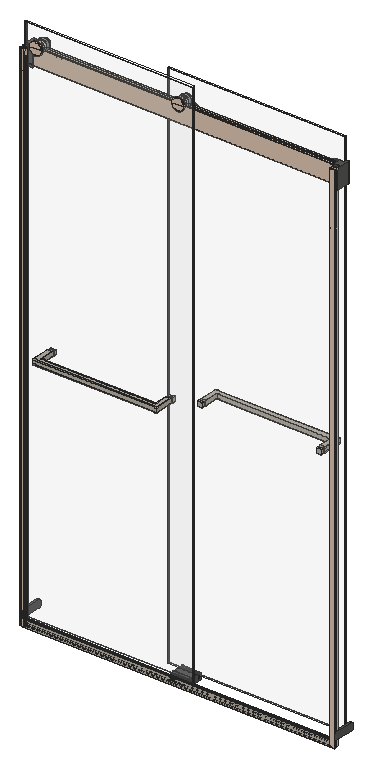
Revit family "Shower-Shower_Door-KOHLER-Levity-K-706017_1", category Specialty Equipment, host Face, Revit 2021
Family settings
  Host = Face
  Round Connector Dimension = Use Diameter
  Part Type = Normal
  OmniClass Number = 23.31.17.17
  OmniClass Title = Shower Enclosures
  Cut with Voids When Loaded = No
  Shared = No
  Room Calculation Point = No
Parameters (values of type "ABV-Anodized Brushed Bronze")
  Width [instance] = Walk Thru + 26.53543"  # 47.59843"
  WaterSense Certified = 1 = 0  # no
  Walk Thru [instance] = 21.06299"
  URL = "https://www.us.kohler.com/us/"
  Type = 1
  Towel Bar Finish = Kohler-Metal-BV-Brushed_Bronze
  Secondary Finish = Kohler-Plastic-BV-Brushed_Bronze
  Product Page URL = "http://www.us.kohler.com/us/catalog/productDetails.jsp?productNumber=706017-L"
  Product Name = "Levity"  # constant formula
  Product Documentation Link = "https://www.us.kohler.com/webassets/kpna/catalog/pdf/en/K-706017-L_spec_US-CA_Kohler_en.pdf"
  Model = if(Type = 1, "K-706017-L-ABV", if(Type = 2, "K-706017-L-NX", if(Type = 3, "K-706017-L-SHP", if(Type = 4, "K-706017-L-SH", "NA"))))  # "K-706017-L-ABV"
  Material = "Premium Metal Construction"  # constant formula
  Master Format 2014 Name = "Shower Doors"  # constant formula
  Master Format 2014 = "10 28 19.16"  # constant formula
  Manufacturer Address = "444 Highland Dr, Kohler, WI 53044"  # constant formula
  Manufacturer = "Kohler Co."  # constant formula
  Length = 7.74803"  # constant formula
  Height = 81.65748"  # constant formula
  Hardware Included = 1 = 1  # yes
  Finish = Kohler-Metal-ABV-Anodized_Brushed_Bronze
  Environmental Product Declaration = ""
  Description = "Sliding Shower Door, 82 Inch H x 44-5/8 - 47-5/8 Inch W, With 3/8 Inch Thick Crystal Clear Glass And Square Towel Bar"  # constant formula
  Default Elevation = 4"
  Declare Label = ""
  Date Modified = "07/13/2023"  # constant formula
  Date Created = "07/13/2023"  # constant formula
  Copyright = "Copyright Kohler Co."  # constant formula
  Contact Us = "https://www.us.kohler.com/us/static/contact.jsp"
  Assembly Code = "C1030200"
  ADA Compliant = 1 = 0  # no
Reference planes
  plane 1 "Center (Front/Back)": y = -2.352
  plane 2: z = 0
  plane 3 "Center (Left/Right)": x = 0
  plane 4: x = 535
  plane 5: x = 553.643
  plane 6: x = -655.357
  plane 7: z = 2002.832
  plane 8: z = 1986.09
  plane 9: z = 2074.1
  plane 10: x = 494.77
  plane 11: x = 450.32
  plane 12: x = 459.845
  plane 13: x = 545.423
  plane 14: y = 64.815
  plane 15: y = 118.986
  plane 16: y = -77.814
  plane 17: x = -50.8
  plane 18: x = -6.88
  plane 19: x = -16.405
  plane 20: x = -51.33
  plane 21: x = -596.901
  plane 22: x = -643.55
  plane 23: x = -552.45
  plane 24: x = -561.975
  plane 25: x = -85.725
  plane 26: z = 1948.622
  plane 27: z = 1921.09
  plane 28: z = 974
  plane 29: z = 964.5
  plane 30: z = 955
  plane 31: z = 26.466
  plane 32: y = 48.457
  plane 33: y = 38.78
  plane 34: y = 2.487
  plane 35: y = -7.19
  plane 36: x = -138.137
Dimensions and locks
  "Walk Thru": plane 4 to plane 3 "Center (Left/Right)"
  "Width": plane 6 to plane 5
  locked: plane 5 to plane 4 at 18.643
  locked: plane 10 to plane 5 at 58.873
  locked: plane 12 to plane 5 at 93.798
  locked: plane 13 to plane 5 at 8.221
  locked: plane 19 to plane 12 at 476.25
  locked: plane 18 to plane 11 at 457.2
  locked: plane 11 to plane 12 at 9.525
  locked: plane 20 to plane 19 at 34.925
  locked: plane 30 to level at 955
  plane 28 to plane 30 = 0.74803"
  "Length": plane 16 to plane 15
  plane 27 to plane 31 = 74.59151"
  plane 34 to plane 35 = 0.381"
  locked: plane 36 to plane 13 at 683.56
  "Height": plane 9 to level
  aligned and locked: plane 2 to host face
  aligned and locked: level to host face
  aligned and locked: plane 3 "Center (Left/Right)" to nested 1
  aligned and locked: plane 4 to nested 1
  aligned and locked: nested 1 to plane 1 "Center (Front/Back)"
Automatic sketch dimensions
  host sketch curve to host sketch curve = 96"  (x2)
Nested families
  nested 1: "K-706017" at (0, 0, 0), type "K-706017"
Definition of nested family "K-706017"
  Parameters (values of type "K-706017")
    Width = Walk Thru + 26.53543"  # 47.59843"
    Walk Thru = 21.06299"
    Towel Bar Finish = none
    Secondary Finish = none
    Material = none
    Default Elevation = 0"
  Reference planes
    plane 1 "Center (Front/Back)": y = 0
    plane 2: z = 0
    plane 3 "Center (Left/Right)": x = 0
    plane 4: y = 111.593
    plane 5 "X": y = -69.407
    plane 6: x = 535
    plane 7: x = 553.643
    plane 8: x = -655.357
    plane 9: z = 955
    plane 10: z = 974
    plane 11 "A": z = 964.5
    plane 12: z = 2074.09
    plane 13: z = 1921.09
    plane 14: z = 1986.09
    plane 15 "B": z = 2002.832
    plane 16 "Slider1": x = -596.901
    plane 17 "Slider2": x = -50.8
    plane 18 "Slider3": x = -51.33
    plane 19 "Slider4": x = 494.77
    plane 20: x = -552.45
    plane 21: x = -95.25
    plane 22: x = -561.975
    plane 23: x = -85.725
    plane 24: x = -6.88
    plane 25: x = 450.32
    plane 26: x = 459.845
    plane 27: x = -16.405
    plane 28: x = 545.423
    plane 29: z = 1948.622
    plane 30: y = 64.815
    plane 31: y = 41.861
    plane 32: x = -643.55
    plane 33: y = 118.986
    plane 34: x = -138.137
    plane 35: y = -77.773
    plane 36: y = -2.352
    plane 37: z = 1991.707
    plane 38: z = 1989.208
    plane 39: y = -77.003
    plane 40: z = 26.466
  Forms (mm)
    Extrusion 1, solid, material <- "Material", detail levels medium+fine
      sketch origin (0, 0, 0) x (1, 0, 0) y (0, 1, 0)
        loop
          arc (-654.983, -20.929) -> (-655.347, -21.219) -> (-655.147, -21.638) r 0.374
          line (-655.147, -21.638) -> (-653.727, -22.331) -> (-650.227, -22.331) -> (-648.642, -21.558) -> (-647.002, -22.323) -> (-643.55, -22.323) -> (-642.152, -21.641)
          arc (-642.152, -21.641) -> (-641.951, -21.22) -> (-642.317, -20.929) r 0.375
          line (-642.317, -20.929) -> (-647.005, -20.929) -> (-647.005, -11.078)
          arc (-647.005, -11.078) -> (-646.838, -10.675) -> (-646.436, -10.509) r 0.569
          line (-646.436, -10.509) -> (-642.313, -10.509)
          arc (-642.313, -10.509) -> (-641.939, -10.208) -> (-642.151, -9.778) r 0.384
          line (-642.151, -9.778) -> (-643.579, -9.112) -> (-647.02, -9.112) -> (-648.63, -9.862) -> (-650.239, -9.112) -> (-653.681, -9.112) -> (-655.154, -9.83)
          arc (-655.154, -9.83) -> (-655.346, -10.232) -> (-654.998, -10.509) r 0.357
          line (-654.998, -10.509) -> (-650.787, -10.509)
          arc (-650.787, -10.509) -> (-650.388, -10.674) -> (-650.222, -11.074) r 0.565
          line (-650.222, -11.074) -> (-650.222, -20.418)
          arc (-650.222, -20.418) -> (-650.372, -20.779) -> (-650.733, -20.929) r 0.511
          line (-650.733, -20.929) -> (-654.983, -20.929)
        loop
          line (-654.166, -23.367) -> (-638.931, -23.766)
          arc (-638.931, -23.766) -> (-637.041, -23.026) -> (-636.252, -21.156) r 2.61
          line (-636.252, -21.156) -> (-636.252, -10.454)
          arc (-636.252, -10.454) -> (-637.069, -8.511) -> (-639.03, -7.737) r 2.718
          line (-639.03, -7.737) -> (-653.669, -8.063)
          arc (-653.669, -8.063) -> (-654.1, -8.494) -> (-653.669, -8.925) r 0.431
          line (-653.669, -8.925) -> (-639.33, -8.925)
          arc (-639.33, -8.925) -> (-638.138, -9.419) -> (-637.644, -10.611) r 1.686
          line (-637.644, -10.611) -> (-637.644, -21.206)
          arc (-637.644, -21.206) -> (-638.051, -22.189) -> (-639.034, -22.597) r 1.391
          line (-639.034, -22.597) -> (-653.79, -22.597)
          arc (-653.79, -22.597) -> (-654.219, -22.864) -> (-654.166, -23.367) r 0.477
      from 1.935 to 1989.208
    Extrusion 2, solid, material <- "Material", detail levels medium+fine
      sketch origin (0, 0, 0) x (1, 0, 0) y (0, 1, 0)
        loop
          line (-639.03, -7.737) -> (-654.369, -8.079)
          arc (-654.369, -8.079) -> (-655.062, -8.38) -> (-655.347, -9.079) r 1
          line (-655.347, -9.079) -> (-655.347, -22.362)
          arc (-655.347, -22.362) -> (-655.064, -23.06) -> (-654.373, -23.361) r 1
          line (-654.373, -23.361) -> (-638.931, -23.766)
          arc (-638.931, -23.766) -> (-637.041, -23.026) -> (-636.252, -21.156) r 2.61
          line (-636.252, -21.156) -> (-636.252, -10.454)
          arc (-636.252, -10.454) -> (-637.069, -8.511) -> (-639.03, -7.737) r 2.718
      from 1989.208 to 1915.483
    Extrusion 3, solid, material <- "Secondary Finish", detail levels medium+fine
      sketch origin (0, 0, 0) x (0, 1, 0) y (0, 0, 1)
        loop
          line (-3.414, 0) -> (-3.414, 1.392)
          arc (-3.414, 1.392) -> (-3.573, 1.776) -> (-3.956, 1.935) r 0.543
          line (-3.956, 1.935) -> (-12.16, 1.935)
          arc (-12.16, 1.935) -> (-14.894, 3.067) -> (-16.026, 5.801) r 3.866
          line (-16.026, 5.801) -> (-16.026, 8.352)
          arc (-16.026, 8.352) -> (-14.577, 9.716) -> (-13.302, 8.188) r 1.367
          arc (-13.302, 8.188) -> (-13.209, 7.545) -> (-12.805, 7.036) r 1.246
          arc (-12.805, 7.036) -> (-11.953, 6.955) -> (-11.48, 7.669) r 0.831
          line (-11.48, 7.669) -> (-10.87, 21.92)
          arc (-10.87, 21.92) -> (-11.071, 22.453) -> (-11.595, 22.677) r 0.726
          line (-11.595, 22.677) -> (-14.981, 22.677)
          arc (-14.981, 22.677) -> (-16.073, 23.769) -> (-14.981, 24.861) r 1.092
          line (-14.981, 24.861) -> (-11.282, 24.861)
          arc (-11.282, 24.861) -> (-10.904, 25.041) -> (-10.804, 25.448) r 0.488
          arc (-10.804, 25.448) -> (-11.246, 26.179) -> (-12.052, 26.466) r 1.274
          line (-12.052, 26.466) -> (-19.724, 26.466)
          arc (-19.724, 26.466) -> (-20.638, 26.087) -> (-21.017, 25.173) r 1.293
          line (-21.017, 25.173) -> (-21.017, 0) -> (-19.323, 0)
          arc (-19.323, 0) -> (-18.894, 0.267) -> (-18.944, 0.77) r 0.478
          arc (-18.944, 0.77) -> (-19.22, 1.056) -> (-19.554, 1.272) r 1.765
          arc (-19.554, 1.272) -> (-19.911, 1.781) -> (-19.678, 2.358) r 0.652
          arc (-19.678, 2.358) -> (-18.262, 2.07) -> (-16.902, 1.579) r 9.959
          arc (-16.902, 1.579) -> (-16.45, 1.916) -> (-16.041, 2.305) r 4.702
          arc (-16.041, 2.305) -> (-15.579, 1.899) -> (-15.074, 1.549) r 5.298
          arc (-15.074, 1.549) -> (-14.83, 1.196) -> (-14.929, 0.779) r 0.528
          arc (-14.929, 0.779) -> (-14.962, 0.266) -> (-14.523, 0) r 0.495
          line (-14.523, 0) -> (-3.414, 0)
        loop
          line (-19.661, 25.24) -> (-19.661, 4.211)
          arc (-19.661, 4.211) -> (-19.515, 3.81) -> (-19.146, 3.597) r 0.624
          arc (-19.146, 3.597) -> (-18.531, 3.474) -> (-17.923, 3.326) r 14.641
          arc (-17.923, 3.326) -> (-17.489, 3.412) -> (-17.294, 3.809) r 0.5
          line (-17.294, 3.809) -> (-17.294, 8.347)
          arc (-17.294, 8.347) -> (-15.945, 10.646) -> (-13.28, 10.588) r 2.633
          arc (-13.28, 10.588) -> (-12.818, 10.573) -> (-12.571, 10.964) r 0.465
          line (-12.571, 10.964) -> (-12.158, 20.596)
          arc (-12.158, 20.596) -> (-12.386, 21.221) -> (-12.989, 21.501) r 0.869
          line (-12.989, 21.501) -> (-15.246, 21.598)
          arc (-15.246, 21.598) -> (-17.008, 22.564) -> (-17.313, 24.55) r 2.27
          arc (-17.313, 24.55) -> (-17.391, 25.023) -> (-17.818, 25.24) r 0.53
          line (-17.818, 25.24) -> (-19.661, 25.24)
      from -643.55 to 545.423
    Extrusion 4, solid
      sketch origin (-26.084, 55.914, 1948.622) x (-1, 0, 0) y (0, 1, 0)
        loop
          arc (629.273, -11.151) -> (629.108, -10.753) -> (628.71, -10.588) r 0.563
          line (628.71, -10.588) -> (621.637, -10.73)
          arc (621.637, -10.73) -> (621.272, -10.887) -> (621.122, -11.255) r 0.525
          line (621.122, -11.255) -> (621.122, -19.613)
          arc (621.122, -19.613) -> (620.968, -19.988) -> (620.596, -20.148) r 0.535
          line (620.596, -20.148) -> (604.744, -20.425)
          arc (604.744, -20.425) -> (604.298, -20.616) -> (604.115, -21.065) r 0.641
          line (604.115, -21.065) -> (604.115, -48.383)
          arc (604.115, -48.383) -> (604.298, -48.832) -> (604.743, -49.023) r 0.64
          line (604.743, -49.023) -> (620.509, -49.298)
          arc (620.509, -49.298) -> (620.954, -49.49) -> (621.138, -49.938) r 0.64
          line (621.138, -49.938) -> (621.138, -62.985)
          arc (621.138, -62.985) -> (621.385, -63.592) -> (621.987, -63.853) r 0.869
          line (621.987, -63.853) -> (628.295, -63.993)
          arc (628.295, -63.993) -> (628.988, -64.294) -> (629.273, -64.994) r 1
          line (629.273, -64.994) -> (629.273, -11.151)
      from 33.139 to -43.085
    Extrusion 5, solid
      sketch origin (0, 0, 0) x (0, 1, 0) y (0, 0, 1)
        loop
          line (-22.347, 54.125) -> (-22.347, 26.849) -> (58.465, 26.849)
          arc (58.465, 26.849) -> (62.955, 28.708) -> (64.815, 33.199) r 6.35
          line (64.815, 33.199) -> (64.815, 47.779)
          arc (64.815, 47.779) -> (62.956, 52.267) -> (58.468, 54.125) r 6.347
          line (58.468, 54.125) -> (-22.347, 54.125)
      from -655.357 to -646.446
    Extrusion 6, solid
      sketch origin (0, 0, 0) x (1, 0, 0) y (0, 1, 0)
        loop
          line (-646.483, 2.487) -> (-648.007, 0.963) -> (-648.007, -5.666) -> (-646.483, -7.19) -> (-1.831, -7.19) -> (-0.307, -5.666) -> (-0.307, 0.963) -> (-1.831, 2.487) -> (-646.483, 2.487)
      from 22.677 to 2074.09
    Revolve 7, solid, material <- "Material"
      sketch origin (0, 0, 2002.832) x (0, -1, 0) y (1, 0, 0)
        loop
          line (20.322, -596.901) -> (-28.808, -596.901) -> (-28.808, -613.351)
          arc (-28.808, -613.351) -> (-28.733, -613.747) -> (-28.517, -614.088) r 1.081
          line (-28.517, -614.088) -> (-27.733, -614.929) -> (-20.555, -614.929) -> (-20.555, -615.807)
          arc (-20.555, -615.807) -> (-15.783, -617.576) -> (-11.011, -615.807) r 7.321
          line (-11.011, -615.807) -> (-11.011, -610.807) -> (-7.825, -610.807) -> (-7.825, -614.957) -> (-2.487, -614.957) -> (-2.487, -599.266) -> (7.19, -599.266) -> (7.19, -613.643) -> (15.059, -613.643) -> (15.059, -619.659) -> (16.067, -620.667) -> (19.267, -620.667) -> (20.322, -619.612) -> (20.322, -596.901)
        axis (-28.808, -596.901) -> (20.322, -596.901)
      angle from 0 to 360
    Revolve 8, solid, material <- "Material"
      sketch origin (0, 0, 2002.832) x (0, -1, 0) y (1, 0, 0)
        loop
          line (19.913, -50.8) -> (-28.808, -50.8) -> (-28.808, -67.25)
          arc (-28.808, -67.25) -> (-28.733, -67.646) -> (-28.517, -67.987) r 1.081
          line (-28.517, -67.987) -> (-27.733, -68.828) -> (-20.555, -68.828) -> (-20.555, -69.706)
          arc (-20.555, -69.706) -> (-15.783, -71.475) -> (-11.011, -69.706) r 7.321
          line (-11.011, -69.706) -> (-11.011, -64.706) -> (-7.825, -64.706) -> (-7.825, -68.856) -> (-2.487, -68.856) -> (-2.487, -53.165) -> (7.19, -53.165) -> (7.19, -66.974) -> (14.65, -66.974) -> (14.65, -72.855) -> (15.658, -73.863) -> (18.858, -73.863) -> (19.913, -72.808) -> (19.913, -50.8)
        axis (-28.808, -50.8) -> (19.913, -50.8)
      angle from 0 to 360
    Extrusion 9, solid, material <- "Material", detail levels medium+fine
      sketch origin (0, 0, 0) x (0, 1, 0) y (0, 0, 1)
        loop
          arc (29.224, 1978.067) -> (29.634, 1978.269) -> (29.8, 1978.696) r 0.631
          line (29.8, 1978.696) -> (29.8, 1980.116)
          arc (29.8, 1980.116) -> (29.621, 1980.523) -> (29.2, 1980.666) r 0.552
          line (29.2, 1980.666) -> (26.309, 1980.413)
          arc (26.309, 1980.413) -> (25.8, 1980.692) -> (26.17, 1981.14) r 0.377
          line (26.17, 1981.14) -> (28.784, 1981.14)
          arc (28.784, 1981.14) -> (29.6, 1981.956) -> (28.784, 1982.773) r 0.816
          line (28.784, 1982.773) -> (27.653, 1982.674)
          arc (27.653, 1982.674) -> (27.229, 1982.818) -> (27.048, 1983.228) r 0.556
          line (27.048, 1983.228) -> (27.048, 1984.189)
          arc (27.048, 1984.189) -> (27.231, 1984.631) -> (27.674, 1984.815) r 0.626
          line (27.674, 1984.815) -> (31.248, 1984.815) -> (31.248, 1976.462)
          arc (31.248, 1976.462) -> (31.085, 1976.068) -> (30.69, 1975.904) r 0.558
          line (30.69, 1975.904) -> (22.213, 1975.904)
          arc (22.213, 1975.904) -> (21.729, 1977.645) -> (20.088, 1978.403) r 2.153
          line (20.088, 1978.403) -> (17.174, 1978.403) -> (17.174, 1979.906) -> (20.944, 1981.664) -> (20.944, 1982.838)
          arc (20.944, 1982.838) -> (20.742, 1983.207) -> (20.322, 1983.234) r 0.438
          line (20.322, 1983.234) -> (16.578, 1981.489)
          arc (16.578, 1981.489) -> (15.811, 1981.318) -> (15.043, 1981.489) r 1.816
          line (15.043, 1981.489) -> (11.179, 1983.291)
          arc (11.179, 1983.291) -> (10.808, 1983.616) -> (10.67, 1984.089) r 0.88
          line (10.67, 1984.089) -> (10.67, 1986.09) -> (9.485, 1986.09)
          arc (9.485, 1986.09) -> (9.133, 1985.944) -> (8.987, 1985.592) r 0.499
          line (8.987, 1985.592) -> (8.987, 1921.706)
          arc (8.987, 1921.706) -> (9.167, 1921.27) -> (9.602, 1921.09) r 0.616
          line (9.602, 1921.09) -> (31.775, 1921.09)
          arc (31.775, 1921.09) -> (32.54, 1921.407) -> (32.856, 1922.171) r 1.081
          line (32.856, 1922.171) -> (32.856, 1929.208)
          arc (32.856, 1929.208) -> (32.389, 1930.512) -> (31.199, 1931.222) r 2.052
          line (31.199, 1931.222) -> (31.199, 1929.353) -> (25.968, 1926.913) -> (21.485, 1929.099)
          arc (21.485, 1929.099) -> (21.082, 1929.078) -> (20.887, 1928.725) r 0.416
          line (20.887, 1928.725) -> (20.887, 1927.468) -> (25.174, 1925.469) -> (25.174, 1923.602) -> (18.163, 1923.602)
          arc (18.163, 1923.602) -> (17.029, 1924.072) -> (16.559, 1925.206) r 1.604
          line (16.559, 1925.206) -> (16.559, 1975.904) -> (19.051, 1975.904) -> (19.051, 1973.557) -> (32.937, 1973.557) -> (32.937, 1985.381) -> (24.417, 1985.381) -> (24.417, 1977.647) -> (29.224, 1978.067)
        loop
          line (14.625, 1979.434) -> (11.8, 1980.751)
          arc (11.8, 1980.751) -> (11.268, 1980.716) -> (11.011, 1980.248) r 0.555
          line (11.011, 1980.248) -> (11.011, 1923.111) -> (14.625, 1923.111) -> (14.625, 1979.434)
      from -646.837 to 545.423
    Extrusion 10, solid
      sketch origin (0, 0, 0) x (0, 1, 0) y (0, 0, 1)
        loop
          line (55.139, 0) -> (53.754, 26.425)
          arc (53.754, 26.425) -> (53.545, 26.878) -> (53.082, 27.062) r 0.673
          line (53.082, 27.062) -> (49.904, 27.062)
          arc (49.904, 27.062) -> (49.435, 26.87) -> (49.234, 26.404) r 0.67
          line (49.234, 26.404) -> (48.871, 5.6)
          arc (48.871, 5.6) -> (48.249, 4.152) -> (46.791, 3.556) r 2.08
          line (46.791, 3.556) -> (41.857, 3.556)
          arc (41.857, 3.556) -> (40.385, 4.143) -> (39.721, 5.583) r 2.139
          line (39.721, 5.583) -> (38.642, 26.164)
          arc (38.642, 26.164) -> (38.476, 26.524) -> (38.107, 26.672) r 0.536
          line (38.107, 26.672) -> (36.859, 26.672)
          arc (36.859, 26.672) -> (36.557, 26.938) -> (36.166, 27.034) r 0.846
          line (36.166, 27.034) -> (12.305, 27.034)
          arc (12.305, 27.034) -> (11.813, 26.948) -> (11.379, 26.702) r 1.458
          line (11.379, 26.702) -> (10.102, 26.702) -> (8.99, 5.492)
          arc (8.99, 5.492) -> (8.346, 4.095) -> (6.918, 3.525) r 2.076
          line (6.918, 3.525) -> (2.085, 3.525)
          arc (2.085, 3.525) -> (0.487, 4.179) -> (-0.194, 5.764) r 2.279
          line (-0.194, 5.764) -> (-0.478, 22.015)
          arc (-0.478, 22.015) -> (-0.644, 22.403) -> (-1.035, 22.563) r 0.557
          line (-1.035, 22.563) -> (-9.887, 22.563)
          arc (-9.887, 22.563) -> (-10.499, 22.311) -> (-10.757, 21.701) r 0.871
          line (-10.757, 21.701) -> (-10.902, 7.521)
          arc (-10.902, 7.521) -> (-12.268, 6.814) -> (-13.28, 7.973) r 1.246
          arc (-13.28, 7.973) -> (-13.964, 8.64) -> (-14.684, 8.012) r 0.704
          arc (-14.684, 8.012) -> (-14.049, 5.273) -> (-11.514, 4.056) r 3.249
          line (-11.514, 4.056) -> (-3.672, 4.056)
          arc (-3.672, 4.056) -> (-3.101, 3.819) -> (-2.864, 3.247) r 0.808
          line (-2.864, 3.247) -> (-2.864, 2.352)
          arc (-2.864, 2.352) -> (-2.53, 1.462) -> (-1.694, 1.01) r 1.355
          arc (-1.694, 1.01) -> (5.627, 0.253) -> (12.983, 0) r 107.16
          line (12.983, 0) -> (55.139, 0)
      from -92.405 to -21.877
    Revolve 11, solid, material <- "Material"
      sketch origin (-51.33, 0, 0) x (0, 0, 1) y (0, -1, 0)
        loop
          line (1948.622, -61.18) -> (1971.333, -61.18) -> (1972.388, -60.125) -> (1972.388, -56.925) -> (1971.38, -55.917) -> (1965.364, -55.917) -> (1965.364, -48.457) -> (1950.987, -48.457) -> (1950.987, -38.78) -> (1966.678, -38.78) -> (1966.678, -33.939) -> (1962.528, -33.939) -> (1962.528, -30.752) -> (1967.528, -30.752)
          arc (1967.528, -30.752) -> (1969.297, -25.98) -> (1967.528, -21.208) r 7.321
          line (1967.528, -21.208) -> (1966.65, -21.208) -> (1966.65, -14.03) -> (1965.809, -13.246)
          arc (1965.809, -13.246) -> (1965.468, -13.031) -> (1965.072, -12.956) r 1.081
          line (1965.072, -12.956) -> (1948.622, -12.956) -> (1948.622, -61.18)
        axis (1948.622, -12.956) -> (1948.622, -61.18)
      angle from 0 to 360
    Revolve 12, solid, material <- "Material"
      sketch origin (494.77, 0, 0) x (0, 0, -1) y (0, -1, 0)
        loop
          line (-1948.622, -61.18) -> (-1948.622, -12.956) -> (-1965.072, -12.956)
          arc (-1965.072, -12.956) -> (-1965.468, -13.031) -> (-1965.809, -13.246) r 1.081
          line (-1965.809, -13.246) -> (-1966.65, -14.03) -> (-1966.65, -21.208) -> (-1967.528, -21.208)
          arc (-1967.528, -21.208) -> (-1969.297, -25.98) -> (-1967.528, -30.752) r 7.321
          line (-1967.528, -30.752) -> (-1962.528, -30.752) -> (-1962.528, -33.939) -> (-1966.678, -33.939) -> (-1966.678, -38.78) -> (-1950.987, -38.78) -> (-1950.987, -48.457) -> (-1965.364, -48.457) -> (-1965.364, -55.917) -> (-1971.38, -55.917) -> (-1972.388, -56.925) -> (-1972.388, -60.125) -> (-1971.333, -61.18) -> (-1948.622, -61.18)
        axis (-1948.622, -12.956) -> (-1948.622, -61.18)
      angle from 0 to 360
    Extrusion 13, solid
      sketch origin (0, 0, 2002.832) x (0, -1, 0) y (1, 0, 0)
        loop
          line (-48.457, -136.613) -> (-46.933, -138.137) -> (-40.304, -138.137) -> (-38.78, -136.613) -> (-38.78, 543.039) -> (-40.304, 544.563) -> (-46.933, 544.563) -> (-48.457, 543.039) -> (-48.457, -136.613)
      from -1980.155 to 71.258
    Extrusion 14, solid, material <- "Material"
      sketch origin (0, 0, 964.5) x (-1, 0, 0) y (0, -1, 0)
        loop
          line (-535, 9.891) -> (-535, 21.398)
          arc (-535, 21.398) -> (-535.668, 23.01) -> (-537.28, 23.678) r 2.28
          line (-537.28, 23.678) -> (-553.643, 23.678) -> (-553.643, 21.678) -> (-536.643, 21.678) -> (-536.643, 9.607) -> (-553.643, 9.607) -> (-553.643, 7.607) -> (-537.284, 7.607)
          arc (-537.284, 7.607) -> (-535.669, 8.276) -> (-535, 9.891) r 2.284
      from -962.565 to 1027.207
    Extrusion 15, solid, material <- "Material"
      sketch origin (0, 0, 964.5) x (-1, 0, 0) y (0, -1, 0)
        loop
          line (-553.643, 7.607) -> (-537.284, 7.607)
          arc (-537.284, 7.607) -> (-535.669, 8.276) -> (-535, 9.891) r 2.284
          line (-535, 9.891) -> (-535, 21.398)
          arc (-535, 21.398) -> (-535.668, 23.01) -> (-537.28, 23.678) r 2.28
          line (-537.28, 23.678) -> (-553.643, 23.678) -> (-553.643, 7.607)
      from 821.899 to 819.694
    Extrusion 16, solid
      sketch origin (-26.084, 55.914, 1948.622) x (-1, 0, 0) y (0, 1, 0)
        loop
          line (-579.727, -11.496) -> (-579.727, -62.018)
          arc (-579.727, -62.018) -> (-579.514, -62.531) -> (-579.001, -62.744) r 0.726
          line (-579.001, -62.744) -> (-571.978, -62.744)
          arc (-571.978, -62.744) -> (-571.462, -62.53) -> (-571.248, -62.014) r 0.73
          line (-571.248, -62.014) -> (-571.248, -50.211)
          arc (-571.248, -50.211) -> (-571.039, -49.7) -> (-570.531, -49.481) r 0.73
          line (-570.531, -49.481) -> (-554.971, -49.21)
          arc (-554.971, -49.21) -> (-554.463, -48.992) -> (-554.253, -48.48) r 0.73
          line (-554.253, -48.48) -> (-554.253, -21.132)
          arc (-554.253, -21.132) -> (-554.41, -20.749) -> (-554.791, -20.586) r 0.547
          line (-554.791, -20.586) -> (-569.243, -20.333)
          arc (-569.243, -20.333) -> (-570.062, -19.981) -> (-570.4, -19.156) r 1.177
          line (-570.4, -19.156) -> (-570.4, -11.599)
          arc (-570.4, -11.599) -> (-570.61, -11.086) -> (-571.12, -10.869) r 0.73
          line (-571.12, -10.869) -> (-578.987, -10.767)
          arc (-578.987, -10.767) -> (-579.51, -10.977) -> (-579.727, -11.496) r 0.73
      from -43.085 to 33.139
    Extrusion 17, solid
      sketch origin (0, 0, 0) x (0, 1, 0) y (0, 0, 1)
        loop
          line (-22.347, 54.125) -> (-22.347, 26.849) -> (58.465, 26.849)
          arc (58.465, 26.849) -> (62.955, 28.708) -> (64.815, 33.199) r 6.35
          line (64.815, 33.199) -> (64.815, 47.779)
          arc (64.815, 47.779) -> (62.956, 52.267) -> (58.468, 54.125) r 6.347
          line (58.468, 54.125) -> (-22.347, 54.125)
      from 545.423 to 553.643
    Extrusion 18, solid, material <- "Material", detail levels coarse
      sketch origin (0, 0, 964.5) x (-1, 0, 0) y (0, -1, 0)
        loop
          line (636.261, 7.502) -> (655.357, 7.502) -> (655.357, 23.586) -> (636.261, 23.586) -> (636.261, 7.502)
      from -962.565 to 1027.207
    Extrusion 19, solid, material <- "Secondary Finish", detail levels coarse
      sketch origin (-51.33, 0, 0) x (0, 0, 1) y (0, -1, 0)
        loop
          line (26.466, 10.87) -> (26.466, 21.017) -> (0, 21.017) -> (0, 3.414) -> (1.935, 3.414) -> (1.935, 10.87) -> (26.466, 10.87)
      from -592.22 to 596.753
    Extrusion 20, solid, material <- "Material", detail levels coarse
      sketch origin (-51.33, 0, 0) x (0, 0, 1) y (0, -1, 0)
        loop
          line (1986.09, -8.987) -> (1921.09, -8.987) -> (1921.09, -32.937) -> (1986.09, -32.937) -> (1986.09, -8.987)
      from -592.22 to 596.753
    Sweep 21, solid, material <- "Towel Bar Finish"
      path origin (0, 0, 964.5) x (-1, 0, 0) y (0, -1, 0)
        loop
          line (561.975, -8.987) -> (561.975, 78.557) -> (85.725, 78.557) -> (85.725, -8.987)
      profile origin (-561.975, -34.785, 964.5) x (1, 0, 0) y (0, 0, 1)
        loop
          line (0.77, 8.23) -> (0.77, -8.23)
          arc (0.77, -8.23) -> (1.142, -9.128) -> (2.04, -9.5) r 1.27
          line (2.04, -9.5) -> (18.55, -9.5)
          arc (18.55, -9.5) -> (19.448, -9.128) -> (19.82, -8.23) r 1.27
          line (19.82, -8.23) -> (19.82, 8.23)
          arc (19.82, 8.23) -> (19.448, 9.128) -> (18.55, 9.5) r 1.27
          line (18.55, 9.5) -> (2.04, 9.5)
          arc (2.04, 9.5) -> (1.142, 9.128) -> (0.77, 8.23) r 1.27
    Sweep 22, solid, material <- "Towel Bar Finish"
      path origin (0, 0, 964.5) x (-1, 0, 0) y (0, -1, 0)
        loop
          line (16.405, -31.378) -> (16.405, -118.986) -> (-459.845, -118.986) -> (-459.845, -31.378)
      profile origin (-16.405, 75.182, 964.5) x (-1, 0, 0) y (0, 0, 1)
        loop
          line (-19.12, 8.23) -> (-19.12, -8.23)
          arc (-19.12, -8.23) -> (-18.748, -9.128) -> (-17.85, -9.5) r 1.27
          line (-17.85, -9.5) -> (-1.34, -9.5)
          arc (-1.34, -9.5) -> (-0.442, -9.128) -> (-0.07, -8.23) r 1.27
          line (-0.07, -8.23) -> (-0.07, 8.23)
          arc (-0.07, 8.23) -> (-0.442, 9.128) -> (-1.34, 9.5) r 1.27
          line (-1.34, 9.5) -> (-17.85, 9.5)
          arc (-17.85, 9.5) -> (-18.748, 9.128) -> (-19.12, 8.23) r 1.27
    Extrusion 23, void
      sketch origin (0, 0, 964.5) x (-1, 0, 0) y (0, -1, 0)
        loop
          line (572.009, -2.487) -> (572.009, 7.19) -> (77.948, 7.19) -> (77.948, -2.487) -> (572.009, -2.487)
      from -29.919 to 29.44
    Extrusion 24, void
      sketch origin (0, 0, 0) x (1, 0, 0) y (0, 1, 0)
        loop
          line (-95.25, 48.457) -> (-95.25, 38.78) -> (494.77, 38.78) -> (494.77, 48.457) -> (-95.25, 48.457)
      from 942.542 to 979.894
  Cuts and joins
    joined: Extrusion 14, Extrusion 15
    Extrusion 23 cuts Sweep 21
    Extrusion 24 cuts Sweep 22
  Lines and regions (mm)
    Masking region 1
      outline origin (0, -69.407, 0) x (-1, 0, 0) y (0, 0, 1)
        loop
          line (0, 2074.09) -> (0, 26.466) -> (636.25, 26.466) -> (636.25, 1.935) -> (655.357, 1.935) -> (655.357, 1991.707) -> (647.702, 1991.707) -> (647.702, 2074.09) -> (0, 2074.09)
    Masking region 2
      outline origin (0, 0, 0) x (1, 0, 0) y (0, 0, 1)
        loop
          line (0, 2074.09) -> (0, 26.466) -> (-636.25, 26.466) -> (-636.25, 1.935) -> (-643.55, 1.935) -> (-643.55, 0) -> (545.423, 0) -> (545.423, 1.935) -> (553.643, 1.935) -> (553.643, 1991.489) -> (545.423, 1991.489) -> (545.423, 2074.09) -> (0, 2074.09)
    Masking region 3
      outline origin (-51.33, 0, 0) x (0, 0, 1) y (0, -1, 0)
        loop
          line (2074.09, -48.457) -> (2074.09, -39.029) -> (1991.707, -39.029) -> (1991.707, -28.807) -> (2019.228, -28.807)
          arc (2019.228, -28.807) -> (2019.675, -28.722) -> (2020.059, -28.48) r 1.218
          line (2020.059, -28.48) -> (2020.86, -27.733) -> (2020.86, -20.555) -> (2021.737, -20.555)
          arc (2021.737, -20.555) -> (2023.487, -15.783) -> (2021.737, -11.011) r 7.383
          line (2021.737, -11.011) -> (2016.738, -11.011) -> (2016.738, -7.825) -> (2020.888, -7.825) -> (2020.888, -2.736) -> (2074.09, -2.736) -> (2074.09, 7.19) -> (2019.574, 7.19) -> (2019.574, 14.958) -> (2025.59, 14.958) -> (2026.598, 15.966) -> (2026.598, 19.166) -> (2025.543, 20.221) -> (1991.707, 20.221) -> (1991.707, 23.767) -> (974, 23.767) -> (974, 76.203)
          arc (974, 76.203) -> (973.658, 77.301) -> (972.609, 77.773) r 1.401
          line (972.609, 77.773) -> (956.261, 77.773)
          arc (956.261, 77.773) -> (955.369, 77.404) -> (955, 76.512) r 1.261
          line (955, 76.512) -> (955, 23.767) -> (1.935, 23.767) -> (1.935, 21.017) -> (0, 21.017) -> (0, 19.323)
          arc (0, 19.323) -> (0.267, 18.894) -> (0.77, 18.944) r 0.478
          arc (0.77, 18.944) -> (1.056, 19.22) -> (1.272, 19.554) r 1.765
          arc (1.272, 19.554) -> (1.547, 19.837) -> (1.935, 19.91) r 0.652
          arc (1.935, 19.91) -> (1.886, 17.48) -> (1.549, 15.074) r 20.367
          arc (1.549, 15.074) -> (1.196, 14.83) -> (0.779, 14.929) r 0.528
          arc (0.779, 14.929) -> (0.266, 14.962) -> (0, 14.523) r 0.495
          line (0, 14.523) -> (0, 3.414) -> (1.392, 3.414)
          arc (1.392, 3.414) -> (1.776, 3.573) -> (1.935, 3.956) r 0.543
          line (1.935, 3.956) -> (1.935, 7.607) -> (4.056, 7.607) -> (4.056, 3.672)
          arc (4.056, 3.672) -> (3.819, 3.101) -> (3.247, 2.864) r 0.808
          line (3.247, 2.864) -> (2.352, 2.864)
          arc (2.352, 2.864) -> (1.462, 2.53) -> (1.01, 1.694) r 1.355
          arc (1.01, 1.694) -> (0.253, -5.627) -> (0, -12.983) r 107.16
          line (0, -12.983) -> (0, -55.139) -> (26.849, -53.732) -> (26.849, -58.465)
          arc (26.849, -58.465) -> (28.708, -62.955) -> (33.199, -64.815) r 6.35
          line (33.199, -64.815) -> (47.779, -64.815)
          arc (47.779, -64.815) -> (52.267, -62.956) -> (54.125, -58.468) r 6.347
          line (54.125, -58.468) -> (54.125, -48.457) -> (955, -48.457) -> (955, -117.986)
          arc (955, -117.986) -> (955.293, -118.693) -> (956, -118.986) r 1
          line (956, -118.986) -> (973, -118.986)
          arc (973, -118.986) -> (973.707, -118.693) -> (974, -117.986) r 1
          line (974, -117.986) -> (974, -48.457) -> (1931.881, -48.457) -> (1931.881, -55.917) -> (1925.864, -55.917) -> (1924.856, -56.925) -> (1924.856, -60.125) -> (1925.911, -61.18) -> (1948.622, -61.18) -> (1971.333, -61.18) -> (1972.388, -60.125) -> (1972.388, -56.925) -> (1971.38, -55.917) -> (1965.364, -55.917) -> (1965.364, -48.457) -> (2074.09, -48.457)
        loop
          line (1915.483, -38.78) -> (1915.483, -2.736) -> (974, -2.736) -> (974, -8.987) -> (955, -8.987) -> (955, -2.736) -> (54.125, -2.736) -> (54.125, -38.78) -> (955, -38.78) -> (955, -31.189) -> (974, -31.189) -> (974, -38.78) -> (1915.483, -38.78)
        loop
          line (22.677, -48.457) -> (22.677, -38.825) -> (5.583, -39.721)
          arc (5.583, -39.721) -> (4.143, -40.385) -> (3.556, -41.857) r 2.139
          line (3.556, -41.857) -> (3.556, -46.791)
          arc (3.556, -46.791) -> (4.152, -48.249) -> (5.6, -48.871) r 2.08
          line (5.6, -48.871) -> (26.849, -49.242) -> (26.849, -48.457) -> (22.677, -48.457)
        loop
          line (22.677, -2.736) -> (22.677, 0.489) -> (5.764, 0.194)
          arc (5.764, 0.194) -> (4.179, -0.487) -> (3.525, -2.085) r 2.279
          line (3.525, -2.085) -> (3.525, -6.918)
          arc (3.525, -6.918) -> (4.095, -8.346) -> (5.492, -8.99) r 2.076
          line (5.492, -8.99) -> (26.849, -10.11) -> (26.849, -2.736) -> (22.677, -2.736)
    Masking region 4
      outline origin (0, 0, 964.5) x (-1, 0, 0) y (0, -1, 0)
        loop
          line (655.357, -64.815) -> (655.357, 22.362)
          arc (655.357, 22.362) -> (655.064, 23.06) -> (654.373, 23.361) r 1
          line (654.373, 23.361) -> (638.95, 23.765)
          arc (638.95, 23.765) -> (636.996, 22.98) -> (636.232, 21.017) r 2.65
          line (636.232, 21.017) -> (561.975, 21.017) -> (561.975, 77.773) -> (85.725, 77.773) -> (85.725, 21.017) -> (-535, 21.017)
          arc (-535, 21.017) -> (-535.528, 22.872) -> (-537.28, 23.678) r 2.307
          line (-537.28, 23.678) -> (-553.643, 23.678) -> (-553.643, -64.815) -> (-545.423, -64.815) -> (-545.423, -45.05)
          arc (-545.423, -45.05) -> (-544.636, -44.675) -> (-544.316, -43.864) r 1.189
          line (-544.316, -43.864) -> (-544.316, -36.758)
          arc (-544.316, -36.758) -> (-543.978, -35.933) -> (-543.159, -35.581) r 1.177
          line (-543.159, -35.581) -> (-528.707, -35.329)
          arc (-528.707, -35.329) -> (-528.326, -35.165) -> (-528.169, -34.782) r 0.547
          line (-528.169, -34.782) -> (-528.169, -32.937) -> (21.877, -32.937) -> (21.877, -55.139) -> (92.405, -55.139) -> (92.405, -32.937) -> (630.198, -32.937) -> (630.198, -34.849)
          arc (630.198, -34.849) -> (630.382, -35.298) -> (630.828, -35.49) r 0.641
          line (630.828, -35.49) -> (646.446, -35.762) -> (646.446, -64.815) -> (655.357, -64.815)
        loop
          line (105.565, -2.487) -> (105.565, -8.987) -> (542.155, -8.987) -> (542.155, -2.487) -> (105.565, -2.487)
        loop
          line (646.446, -2.487) -> (614.957, -2.487) -> (614.957, -7.825) -> (610.807, -7.825) -> (610.807, -8.987) -> (630.198, -8.987) -> (630.198, -7.531)
          arc (630.198, -7.531) -> (630.382, -7.082) -> (630.827, -6.891) r 0.64
          line (630.827, -6.891) -> (646.446, -6.619) -> (646.446, -2.487)
        loop
          line (582.996, -8.987) -> (582.996, -7.825) -> (578.846, -7.825) -> (578.846, -2.487) -> (561.205, -2.487) -> (561.205, -8.987) -> (582.996, -8.987)
        loop
          line (542.216, 21.017) -> (542.216, 58.508) -> (105.565, 58.508) -> (105.565, 21.017) -> (542.216, 21.017)
        loop
          line (1.524, -2.487) -> (0, -0.963) -> (0, 3.327) -> (-545.164, 3.327) -> (-545.164, -5.703)
          arc (-545.164, -5.703) -> (-544.955, -6.215) -> (-544.447, -6.433) r 0.73
          line (-544.447, -6.433) -> (-528.887, -6.705)
          arc (-528.887, -6.705) -> (-528.379, -6.923) -> (-528.169, -7.434) r 0.73
          line (-528.169, -7.434) -> (-528.169, -8.99) -> (7.745, -8.99) -> (7.745, -2.487) -> (1.524, -2.487)
    Masking region 5
      outline origin (0, 0, 964.5) x (-1, 0, 0) y (0, -1, 0)
        loop
          line (37.425, -32.937) -> (37.425, -33.939) -> (33.275, -33.939) -> (33.275, -38.78) -> (16.405, -38.78) -> (16.405, -32.937) -> (-2.894, -32.937) -> (-2.894, -38.78) -> (-440.845, -38.78) -> (-440.845, -32.937) -> (-459.845, -32.937) -> (-459.845, -38.78) -> (-476.714, -38.78) -> (-476.714, -33.939) -> (-480.864, -33.939) -> (-480.864, -32.937) -> (-508.675, -32.937) -> (-508.675, -33.939) -> (-512.825, -33.939) -> (-512.825, -38.78) -> (-543.039, -38.78) -> (-544.563, -40.304) -> (-544.563, -46.933) -> (-543.039, -48.457) -> (-511.511, -48.457) -> (-511.511, -55.917) -> (-517.528, -55.917) -> (-518.549, -56.939) -> (-518.549, -60.112) -> (-517.481, -61.18) -> (-472.059, -61.18) -> (-470.99, -60.112) -> (-470.99, -56.939) -> (-472.012, -55.917) -> (-478.028, -55.917) -> (-478.028, -48.457) -> (-459.845, -48.457) -> (-459.845, -118.986) -> (16.405, -118.986) -> (16.405, -48.457) -> (34.589, -48.457) -> (34.589, -55.917) -> (28.572, -55.917) -> (27.564, -56.925) -> (27.564, -60.125) -> (28.619, -61.18) -> (74.041, -61.18) -> (75.096, -60.125) -> (75.096, -56.925) -> (74.088, -55.917) -> (68.072, -55.917) -> (68.072, -48.457) -> (136.613, -48.457) -> (138.137, -46.933) -> (138.137, -40.304) -> (136.613, -38.78) -> (69.386, -38.78) -> (69.386, -33.939) -> (65.236, -33.939) -> (65.236, -32.937) -> (37.425, -32.937)
        loop
          line (-2.595, -48.457) -> (-440.845, -48.457) -> (-440.845, -100) -> (-2.595, -100) -> (-2.595, -48.457)
    symbolic lines, detail levels medium+fine
      curve 1: line (-647.72, 0, 1991.707) -> (-636.25, 0, 1991.707)
      curve 2: line (-636.25, 0, 1991.707) -> (-636.25, 0, 1.935)
      curve 3: line (-643.579, 0, 1.935) -> (-636.25, 0, 1.935)
      curve 4: line (-641.25, 0, 1991.707) -> (-641.25, 0, 1.935)
      curve 5: circle (-596.901, 0, 2002.832) r 22.758 normal (0, -1, 0)
      curve 6: circle (-596.901, 0, 2002.832) r 23.896 normal (0, -1, 0)
      curve 7: circle (-50.8, 0, 2002.832) r 22.711 normal (0, -1, 0)
      curve 8: circle (-50.8, 0, 2002.832) r 23.766 normal (0, -1, 0)
      curve 9: line (-636.25, 0, 26.466) -> (535, 0, 26.466)
      curve 10: line (0, 0, 2074.09) -> (0, 0, 26.466)
      curve 11: line (545.423, 0, 1991.489) -> (528.169, 0, 1991.489)
      curve 12: line (528.169, 0, 1991.489) -> (528.169, 0, 1915.687)
      curve 13: line (528.169, 0, 1915.687) -> (535, 0, 1915.687)
      curve 14: line (535, 0, 1.935) -> (535, 0, 1991.489)
      curve 15: line (0, 0, 1986.09) -> (528.169, 0, 1986.09)
      curve 16: line (0, 0, 1921.09) -> (528.169, 0, 1921.09)
      curve 17: line (545.423, 0, 1.935) -> (535, 0, 1.935)
      curve 18: line (536.796, 0, 1991.489) -> (536.796, 0, 1.935)
      curve 19: line (-560.617, 0, 974.014) -> (-86.994, 0, 973.993)
      curve 20: line (-51.33, 28.807, 1991.707) -> (-51.33, -20.221, 1991.707)
      curve 21: line (-51.33, 39.029, 1991.707) -> (-51.33, 45.326, 1991.707)
      curve 22: line (-51.33, 20.555, 2020.86) -> (-51.33, 20.555, 1991.707)
      curve 23: line (-51.33, 11.011, 2016.738) -> (-51.33, 11.011, 1991.707)
      curve 24: line (-51.33, 7.825, 2016.738) -> (-51.33, 7.825, 1991.707)
      curve 25: line (-51.33, 2.736, 2020.888) -> (-51.33, 2.736, 1991.707)
      curve 26: line (-51.33, -14.958, 2019.574) -> (-51.33, -14.958, 1991.707)
      curve 27: line (-51.33, 38.78, 1915.483) -> (-51.33, 45.326, 1915.483)
      curve 28: line (-51.33, 2.736, 1915.483) -> (-51.33, -9.079, 1915.483)
      curve 29: line (-51.33, -9.079, 1915.483) -> (-51.33, -9.079, 1991.707)
      curve 30: line (-51.33, -23.767, 974) -> (-51.33, -23.767, 955)
      curve 31: line (-51.33, -9.862, 1.935) -> (-51.33, -9.862, 26.849)
      curve 32: line (-51.33, -10.601, 1.935) -> (-51.33, -10.601, 26.849)
      curve 33: line (-51.33, -20.929, 1.935) -> (-51.33, -20.929, 26.849)
      curve 34: line (-51.33, -21.558, 1.935) -> (-51.33, -21.558, 26.849)
      curve 35: line (-51.33, -22.331, 1.935) -> (-51.33, -22.331, 1991.707)
      curve 36: line (-51.33, 48.457, 54.125) -> (-51.33, 38.78, 54.125)
      curve 37: line (-51.33, 53.732, 26.849) -> (-51.33, 49.242, 26.849)
      curve 38: line (-51.33, 38.825, 22.677) -> (-51.33, 38.825, 26.849)
      curve 39: line (-51.33, 48.457, 26.849) -> (-51.33, 10.11, 26.849)
      curve 40: line (-51.33, 2.736, 54.125) -> (-51.33, -22.331, 54.125)
      curve 41: line (-51.33, 2.736, 26.849) -> (-51.33, -22.331, 26.849)
      curve 42: line (-51.33, -9.112, 1.935) -> (-51.33, -9.112, 26.849)
      curve 43: line (-51.33, -7.19, 22.677) -> (-51.33, -0.489, 22.677)
      curve 44: line (-51.33, -9.112, 54.125) -> (-51.33, -9.112, 1991.707)
      curve 45: line (-51.33, -10.601, 54.125) -> (-51.33, -10.601, 1991.707)
      curve 46: line (-51.33, -9.862, 54.125) -> (-51.33, -9.862, 1991.707)
      curve 47: line (-51.33, -20.929, 54.125) -> (-51.33, -20.929, 1991.707)
      curve 48: line (-51.33, -21.558, 54.125) -> (-51.33, -21.558, 1991.707)
      curve 49: line (-51.33, -7.502, 1.935) -> (-51.33, -21.558, 1.935)
      curve 50: line (-51.33, -7.607, 4.056) -> (-51.33, -7.607, 26.849)
      curve 51: line (-630.198, 32.937, 964.5) -> (-630.198, 8.987, 964.5)
      curve 52: line (-647.72, 45.184, 964.5) -> (-654.794, 45.326, 964.5)
      curve 53: arc (-647.205, 44.659, 964.5) -> (-647.356, 45.027, 964.5) -> (-647.72, 45.184, 964.5) r 0.525
      curve 54: line (-647.205, 36.461, 964.5) -> (-647.205, 44.659, 964.5)
      curve 55: arc (-646.446, 35.762, 964.5) -> (-646.979, 35.945, 964.5) -> (-647.205, 36.461, 964.5) r 0.701
      curve 56: arc (-654.794, 45.326, 964.5) -> (-655.195, 45.165, 964.5) -> (-655.357, 44.764, 964.5) r 0.552
      curve 57: line (-646.483, -7.19, 964.5) -> (-1.524, -7.19, 964.5)
      curve 58: line (-639.03, -7.737, 964.5) -> (-654.369, -8.079, 964.5)
      curve 59: arc (-636.252, -10.454, 964.5) -> (-637.069, -8.511, 964.5) -> (-639.03, -7.737, 964.5) r 2.718
      curve 60: line (-636.252, -21.156, 964.5) -> (-636.252, -10.454, 964.5)
      curve 61: arc (-655.357, -9.079, 964.5) -> (-655.072, -8.38, 964.5) -> (-654.379, -8.079, 964.5) r 1
      curve 62: line (-636.252, -10.804, 964.5) -> (-613.643, -10.804, 964.5)
      curve 63: line (-619.612, -20.322, 964.5) -> (-574.19, -20.322, 964.5)
      curve 64: line (-619.659, -15.059, 964.5) -> (-574.143, -15.059, 964.5)
      curve 65: line (-619.612, -20.322, 964.5) -> (-620.667, -19.267, 964.5)
      curve 66: line (-620.667, -16.067, 964.5) -> (-620.667, -19.267, 964.5)
      curve 67: line (-620.667, -16.067, 964.5) -> (-619.659, -15.059, 964.5)
      curve 68: line (-613.643, -15.059, 964.5) -> (-613.643, -7.19, 964.5)
      curve 69: line (-574.19, -20.322, 964.5) -> (-573.135, -19.267, 964.5)
      curve 70: line (-573.135, -19.267, 964.5) -> (-573.135, -16.067, 964.5)
      curve 71: line (-573.135, -16.067, 964.5) -> (-574.143, -15.059, 964.5)
      curve 72: line (-580.16, -15.059, 964.5) -> (-580.16, -7.19, 964.5)
      curve 73: line (-614.957, 2.487, 964.5) -> (-578.846, 2.487, 964.5)
      curve 74: line (-610.807, 7.825, 964.5) -> (-582.996, 7.825, 964.5)
      curve 75: line (-610.807, 8.987, 964.5) -> (-610.807, 11.011, 964.5)
      curve 76: line (-610.807, 11.011, 964.5) -> (-615.807, 11.011, 964.5)
      curve 77: line (-615.807, 20.555, 964.5) -> (-596.901, 20.555, 964.5)
      curve 78: arc (-615.807, 20.555, 964.5) -> (-617.587, 15.783, 964.5) -> (-615.807, 11.011, 964.5) r 7.287
      curve 79: line (-614.929, 20.555, 964.5) -> (-614.929, 27.733, 964.5)
      curve 80: line (-614.929, 27.733, 964.5) -> (-614.085, 28.521, 964.5)
      curve 81: line (-596.901, 28.811, 964.5) -> (-613.349, 28.811, 964.5)
      curve 82: arc (-614.085, 28.521, 964.5) -> (-613.744, 28.735, 964.5) -> (-613.349, 28.811, 964.5) r 1.079
      curve 83: line (-582.996, 8.987, 964.5) -> (-582.996, 11.011, 964.5)
      curve 84: line (-582.996, 11.011, 964.5) -> (-577.996, 11.011, 964.5)
      curve 85: line (-577.996, 20.555, 964.5) -> (-596.901, 20.555, 964.5)
      curve 86: arc (-577.996, 20.555, 964.5) -> (-576.216, 15.783, 964.5) -> (-577.996, 11.011, 964.5) r 7.287
      curve 87: line (-578.874, 20.555, 964.5) -> (-578.874, 27.733, 964.5)
      curve 88: line (-578.874, 27.733, 964.5) -> (-579.718, 28.521, 964.5)
      curve 89: line (-596.901, 28.811, 964.5) -> (-580.454, 28.811, 964.5)
      curve 90: arc (-579.718, 28.521, 964.5) -> (-580.059, 28.735, 964.5) -> (-580.454, 28.811, 964.5) r 1.079
      curve 91: line (-610.807, 11.011, 964.5) -> (-582.996, 11.011, 964.5)
      curve 92: line (-561.205, 8.987, 964.5) -> (-542.155, 8.987, 964.5)
      curve 93: line (-561.975, -21.017, 964.5) -> (-561.975, -7.19, 964.5)
      curve 94: line (-542.216, -21.017, 964.5) -> (-542.216, -7.19, 964.5)
      curve 95: line (528.169, 32.937, 964.5) -> (528.169, 8.99, 964.5)
      curve 96: line (535, -21.017, 964.5) -> (535, -9.891, 964.5)
      curve 97: line (553.643, -7.607, 964.5) -> (537.284, -7.607, 964.5)
      curve 98: arc (537.284, -7.607, 964.5) -> (535.669, -8.276, 964.5) -> (535, -9.891, 964.5) r 2.284
      curve 99: line (552.904, 45.148, 964.5) -> (545.036, 45.045, 964.5)
      curve 100: arc (553.643, 44.418, 964.5) -> (553.426, 44.937, 964.5) -> (552.904, 45.148, 964.5) r 0.73
      curve 101: line (545.894, -6.829, 964.5) -> (552.917, -6.829, 964.5)
      curve 102: arc (552.917, -6.829, 964.5) -> (553.431, -6.617, 964.5) -> (553.643, -6.103, 964.5) r 0.726
      curve 103: arc (545.164, -6.099, 964.5) -> (545.378, -6.616, 964.5) -> (545.894, -6.829, 964.5) r 0.73
      curve 104: line (545.164, -6.099, 964.5) -> (545.164, -3.414, 964.5)
      curve 105: line (480.864, 33.939, 964.5) -> (508.675, 33.939, 964.5)
      curve 106: line (-630.198, 24.417, 964.5) -> (-614.929, 24.417, 964.5)
      curve 107: line (-630.198, 22.213, 964.5) -> (-614.929, 22.213, 964.5)
      curve 108: line (528.169, 20.944, 964.5) -> (-32.772, 20.944, 964.5)
      curve 109: line (528.169, 10.701, 964.5) -> (-36.895, 10.701, 964.5)
      curve 110: line (-614.929, 20.944, 964.5) -> (-630.198, 20.944, 964.5)
      curve 111: line (-610.807, 10.67, 964.5) -> (-630.198, 10.67, 964.5)
      curve 112: line (-578.874, 22.213, 964.5) -> (-68.828, 22.213, 964.5)
      curve 113: line (-578.874, 24.417, 964.5) -> (-68.828, 24.417, 964.5)
      curve 114: line (-580.16, -10.804, 964.5) -> (-561.975, -10.804, 964.5)
      curve 115: line (-542.216, -10.804, 964.5) -> (-105.565, -10.804, 964.5)
      curve 116: line (-34.627, -10.804, 964.5) -> (535, -10.804, 964.5)
      curve 117: line (-64.706, 10.701, 964.5) -> (-582.996, 10.701, 964.5)
      curve 118: line (-32.772, 22.213, 964.5) -> (528.169, 22.213, 964.5)
      curve 119: line (-32.772, 24.417, 964.5) -> (528.169, 24.417, 964.5)
      curve 120: line (478.028, 55.917, 964.5) -> (511.511, 55.917, 964.5)
      curve 121: line (511.511, 48.457, 964.5) -> (478.028, 48.457, 964.5)
      curve 122: line (476.714, 38.78, 964.5) -> (512.825, 38.78, 964.5)
      curve 123: line (440.845, 48.457, 964.5) -> (459.775, 48.457, 964.5)
      curve 124: line (440.845, 38.78, 964.5) -> (459.775, 38.78, 964.5)
      curve 125: line (-561.205, 2.487, 964.5) -> (-542.155, 2.487, 964.5)
      curve 126: line (-561.975, 0, 972.663) -> (-561.975, 0, 956.207)
      curve 127: arc (-561.975, 0, 972.663) -> (-561.577, 0, 973.621) -> (-560.617, 0, 974.014) r 1.351
      curve 128: arc (-560.774, 0, 955.006) -> (-561.623, 0, 955.358) -> (-561.975, 0, 956.207) r 1.201
      curve 129: arc (-86.994, 0, 973.993) -> (-86.097, 0, 973.621) -> (-85.725, 0, 972.723) r 1.269
      curve 130: arc (-86.992, 0, 955.006) -> (-86.096, 0, 955.377) -> (-85.725, 0, 956.273) r 1.267
      curve 131: line (-85.725, 0, 972.723) -> (-85.725, 0, 956.273)
      curve 132: line (-560.774, 0, 955.006) -> (-86.992, 0, 955.006)
      curve 133: line (440.725, 0, 972.73) -> (440.725, 0, 956.27)
      curve 134: arc (440.725, 0, 956.27) -> (441.097, 0, 955.372) -> (441.995, 0, 955) r 1.27
      curve 135: line (441.995, 0, 955) -> (458.505, 0, 955)
      curve 136: arc (458.505, 0, 955) -> (459.403, 0, 955.372) -> (459.775, 0, 956.27) r 1.27
      curve 137: line (459.775, 0, 956.27) -> (459.775, 0, 972.73)
      curve 138: arc (459.775, 0, 972.73) -> (459.403, 0, 973.628) -> (458.505, 0, 974) r 1.27
      curve 139: line (458.505, 0, 974) -> (441.995, 0, 974)
      curve 140: arc (441.995, 0, 974) -> (441.097, 0, 973.628) -> (440.725, 0, 972.73) r 1.27
      curve 141: line (-646.483, 2.487, 964.5) -> (-648.007, 0.963, 964.5)
      curve 142: line (-648.007, 0.963, 964.5) -> (-648.007, -5.666, 964.5)
      curve 143: line (-648.007, -5.666, 964.5) -> (-646.483, -7.19, 964.5)
      curve 144: line (-51.33, 55.917, 1965.364) -> (-51.33, 55.917, 1931.881)
      curve 145: line (-51.33, 45.326, 1915.483) -> (-51.33, 45.326, 1991.707)
      curve 146: line (-51.33, 48.457, 1965.364) -> (-51.33, 48.457, 1931.881)
      curve 147: line (-51.33, 38.78, 974) -> (-51.33, 38.78, 955)
      curve 148: line (-51.33, 48.457, 974) -> (-51.33, 48.457, 955)
      curve 149: line (-51.33, 2.736, 974) -> (-51.33, 2.736, 955)
      curve 150: line (-51.33, -5.666, 54.125) -> (-51.33, -5.666, 1915.483)
      curve 151: line (-51.33, 0.963, 54.125) -> (-51.33, 0.963, 1915.483)
      curve 152: line (-51.33, 46.933, 54.125) -> (-51.33, 46.933, 2074.09)
      curve 153: line (-51.33, 40.304, 54.125) -> (-51.33, 40.304, 1915.483)
      curve 154: line (-51.33, -7.19, 1915.483) -> (-51.33, -7.19, 54.125)
      curve 155: line (-51.33, -7.502, 54.125) -> (-51.33, -7.502, 1915.483)
      curve 156: line (-51.33, 0.963, 22.677) -> (-51.33, 0.963, 26.849)
      curve 157: line (-51.33, -5.666, 22.677) -> (-51.33, -5.666, 26.849)
      curve 158: line (-51.33, 46.933, 22.677) -> (-51.33, 46.933, 26.849)
      curve 159: line (-51.33, 40.304, 22.677) -> (-51.33, 40.304, 26.849)
      curve 160: line (-51.33, -7.19, 22.677) -> (-51.33, -7.19, 26.849)
      curve 161: line (-51.33, 40.304, 1991.707) -> (-51.33, 40.304, 2074.09)
      curve 162: line (-51.33, 0.963, 1991.707) -> (-51.33, 0.963, 2074.09)
      curve 163: line (-51.33, -5.666, 1991.707) -> (-51.33, -5.666, 2074.09)
      curve 164: line (-51.33, -7.19, 2019.574) -> (-51.33, -7.19, 1991.707)
      curve 165: line (-51.33, -7.502, 1991.707) -> (-51.33, -7.502, 1915.483)
      curve 166: line (-51.33, 41.861, 1988.768) -> (-51.33, 38.78, 1988.768)
      curve 167: line (-51.33, 41.861, 1921.09) -> (-51.33, 41.861, 1988.768)
      curve 168: line (-51.33, 38.78, 1921.09) -> (-51.33, 41.861, 1921.09)
      curve 169: line (-51.33, 38.78, 1988.768) -> (-51.33, 38.78, 1921.09)
      curve 170: line (-51.33, 33.834, 1988.768) -> (-51.33, 31.199, 1988.768)
      curve 171: line (-51.33, 33.834, 1921.09) -> (-51.33, 33.834, 1988.768)
      curve 172: line (-51.33, 31.199, 1921.09) -> (-51.33, 33.834, 1921.09)
      curve 173: line (-51.33, 31.199, 1988.768) -> (-51.33, 31.199, 1921.09)
      curve 174: line (-51.33, 5.905, 1988.944) -> (-51.33, 2.736, 1988.944)
      curve 175: line (-51.33, 5.905, 1921.09) -> (-51.33, 5.905, 1988.944)
      curve 176: line (-51.33, 2.736, 1921.09) -> (-51.33, 5.905, 1921.09)
      curve 177: line (-51.33, 2.736, 1988.944) -> (-51.33, 2.736, 1921.09)
      curve 178: circle (-51.33, 23.646, 1965.696) r 2.986 normal (1, 0, 0)
      curve 179: circle (-51.33, 13.646, 1965.696) r 2.986 normal (1, 0, 0)
      curve 180: circle (-51.33, 23.646, 1940.298) r 2.986 normal (-1, 0, 0)
      curve 181: circle (-51.33, 13.646, 1940.298) r 2.986 normal (-1, 0, 0)
      curve 182: line (-92.405, 32.937, 964.5) -> (-21.877, 32.937, 964.5)
      curve 183: line (-68.828, 27.733, 964.5) -> (-68.828, 20.555, 964.5)
      curve 184: line (-67.146, 28.833, 964.5) -> (-34.401, 28.833, 964.5)
      curve 185: line (-32.772, 27.733, 964.5) -> (-33.498, 28.459, 964.5)
      curve 186: arc (-33.498, 28.459, 964.5) -> (-33.912, 28.736, 964.5) -> (-34.401, 28.833, 964.5) r 1.277
      curve 187: line (-68.828, 27.733, 964.5) -> (-68.141, 28.42, 964.5)
      curve 188: arc (-68.141, 28.42, 964.5) -> (-67.684, 28.726, 964.5) -> (-67.146, 28.833, 964.5) r 1.407
      curve 189: line (-69.706, 20.555, 964.5) -> (-31.895, 20.555, 964.5)
      curve 190: line (-69.706, 11.011, 964.5) -> (-31.895, 11.011, 964.5)
      curve 191: arc (-69.706, 20.555, 964.5) -> (-71.468, 15.783, 964.5) -> (-69.706, 11.011, 964.5) r 7.342
      curve 192: arc (-31.895, 20.555, 964.5) -> (-30.17, 15.783, 964.5) -> (-31.895, 11.011, 964.5) r 7.463
      curve 193: line (-68.856, 7.825, 964.5) -> (-32.745, 7.825, 964.5)
      curve 194: line (-64.706, 7.825, 964.5) -> (-64.706, 11.011, 964.5)
      curve 195: line (-68.856, 7.825, 964.5) -> (-68.856, 2.487, 964.5)
      curve 196: line (-32.745, 7.825, 964.5) -> (-32.745, 2.487, 964.5)
      curve 197: line (-36.895, 7.825, 964.5) -> (-36.895, 11.011, 964.5)
      curve 198: line (-32.772, 27.733, 964.5) -> (-32.772, 20.555, 964.5)
      curve 199: line (0, -3.327, 964.5) -> (0, -5.666, 964.5)
      curve 200: line (-1.524, -7.19, 964.5) -> (0, -5.666, 964.5)
      curve 201: line (-105.565, -21.017, 964.5) -> (-105.565, -7.19, 964.5)
      curve 202: line (-85.725, -21.017, 964.5) -> (-85.725, -7.19, 964.5)
      curve 203: line (-66.974, -14.65, 964.5) -> (-66.974, -7.19, 964.5)
      curve 204: line (-34.627, -14.65, 964.5) -> (-34.627, -7.19, 964.5)
      curve 205: line (-28.746, -14.65, 964.5) -> (-72.855, -14.65, 964.5)
      curve 206: line (-72.855, -14.65, 964.5) -> (-73.863, -15.658, 964.5)
      curve 207: line (-73.863, -15.658, 964.5) -> (-73.863, -18.858, 964.5)
      curve 208: line (-73.863, -18.858, 964.5) -> (-72.808, -19.913, 964.5)
      curve 209: line (-72.808, -19.913, 964.5) -> (-28.792, -19.913, 964.5)
      curve 210: line (-28.792, -19.913, 964.5) -> (-27.738, -18.858, 964.5)
      curve 211: line (-27.738, -18.858, 964.5) -> (-27.738, -15.658, 964.5)
      curve 212: line (-28.746, -14.65, 964.5) -> (-27.738, -15.658, 964.5)
      curve 213: line (-105.545, 8.987, 964.5) -> (-64.706, 8.987, 964.5)
      curve 214: line (-68.072, 55.917, 964.5) -> (-34.589, 55.917, 964.5)
      curve 215: line (-69.386, 38.78, 964.5) -> (-33.275, 38.78, 964.5)
      curve 216: line (-65.236, 33.939, 964.5) -> (-37.425, 33.939, 964.5)
      curve 217: line (-68.072, 48.457, 964.5) -> (-34.589, 48.457, 964.5)
      curve 218: line (-16.405, 48.457, 964.5) -> (2.715, 48.457, 964.5)
      curve 219: line (-16.53, 38.78, 964.5) -> (2.77, 38.78, 964.5)
      curve 220: line (-7.745, 8.99, 964.5) -> (-36.895, 8.99, 964.5)
      curve 221: line (-7.745, 2.487, 964.5) -> (-105.545, 2.487, 964.5)
      curve 222: arc (-51.33, 38.642, 26.164) -> (-51.33, 38.476, 26.524) -> (-51.33, 38.107, 26.672) r 0.536
      curve 223: line (-51.33, 38.825, 22.677) -> (-51.33, 38.642, 26.164)
      curve 224: line (-51.33, 38.107, 26.672) -> (-51.33, 10.1, 26.672)
      curve 225: line (2.715, 0, 956.27) -> (2.715, 0, 972.73)
      curve 226: arc (2.715, 0, 972.73) -> (2.343, 0, 973.628) -> (1.445, 0, 974) r 1.27
      curve 227: line (1.445, 0, 974) -> (-15.065, 0, 974)
      curve 228: arc (-15.065, 0, 974) -> (-15.963, 0, 973.628) -> (-16.335, 0, 972.73) r 1.27
      curve 229: line (-16.335, 0, 972.73) -> (-16.335, 0, 956.27)
      curve 230: arc (-16.335, 0, 956.27) -> (-15.963, 0, 955.372) -> (-15.065, 0, 955) r 1.27
      curve 231: line (-15.065, 0, 955) -> (1.445, 0, 955)
      curve 232: arc (1.445, 0, 955) -> (2.343, 0, 955.372) -> (2.715, 0, 956.27) r 1.27
  Dimensions and locks
    plane 4 to plane 5 "X" = 7.12598"
    "Walk Thru": plane 6 to plane 3 "Center (Left/Right)"
    locked: plane 6 to plane 7 at 18.643
    plane 3 "Center (Left/Right)" to plane 8 = 25.80145"
    "Width": plane 8 to plane 7
    locked: plane 10 to plane 9 at 19
    locked: plane 10 to plane 11 "A" at 9.5
    plane 9 to level = 37.59843"
    locked: plane 19 "Slider4" to plane 6 at 40.23
    locked: plane 18 "Slider3" to plane 19 "Slider4" at 546.1
    plane 22 to plane 23 = 18 3/4"
    locked: plane 24 to plane 25 at 457.2
    locked: plane 25 to plane 19 "Slider4" at 44.45
    locked: plane 27 to plane 26 at 476.25
    locked: plane 26 to plane 19 "Slider4" at 34.925
    locked: plane 7 to plane 28 at 8.221
    locked: plane 32 to plane 8 at 11.806
    Masking region 5 sketch curve to plane 18 "Slider3" to Masking region 5 sketch curve = 0.93566" locked, 0.93566" locked
    Masking region 5 sketch curve to plane 18 "Slider3" to Masking region 5 sketch curve = 0.71084" locked, 0.71084" locked
